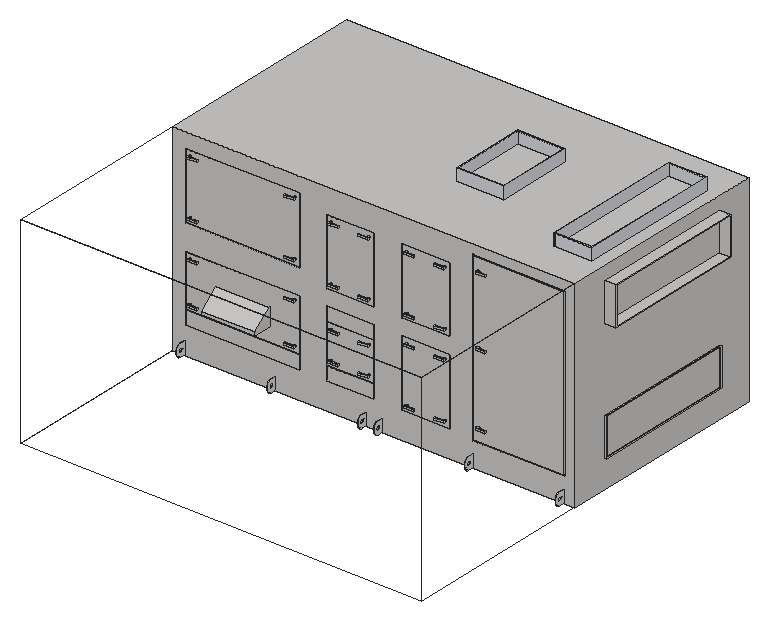
Revit family "DN-5XIN-ECH-1FP", category Mechanical Equipment, Revit 2019
Family settings
  Round Connector Dimension = Use Diameter
  Part Type = Normal
  Work Plane-Based = No
  Always vertical = Yes
  Cut with Voids When Loaded = No
  Shared = No
  Room Calculation Point = No
Parameters (values of type "4@2.70 kW 200-240V")
  Voltage = "200-240V"
  Unit Weight (lbs) = "4250-4850 lbs."
  Unit Dimension (L x W x H) = "174\" x 103-3/4\" x 88-7/8\""
  Unit = Renewaire - Galvanized Steel
  URL = "www.renewaire.com"
  Typical Airflow Range = "1,125-4,950 CFM"
  Standard Features = "EC Motors for both airstreams, Direct drive backward inclined plenum, Higher ESP of up to 3\" w.g. at 4,500 CFM, Integrated programmable controls, True 100% face and bypass enthalpy based modulating economizer, Class 1 low leakage motorized isolation dampers, Stainless steel double-sloped drain pan with cooling option, 1\" Double wall foam injected 20 gauge galvanized panel construction with R6.5 insulation"
  Shipping Dimensions (L x W x H) = "180\" x 101-1/2\" x 94\""
  Service Area Visibility = yes
  Service Area Box = Renewaire - Interference
  Revit Object Download Link = ""
  Phase = "3"
  Options = "DX, heat pump, or chilled water cooling coil, Modulating hot gas reheat, Steam or hot water coil, gas heat module or electric heater, Onboard variable frequency drives (VFDs) - both airstreams, Fused disconnect, Spring isolators (VFDs only), 2\" Double wall foam injected 20 gauge galvanized panel construction with R13 insulation, Exterior paint - grey, white, custom color, BACNET factory activation, GFCI convenience outlet, Recirculation damper, Drain overflow switch, Electrofin coating for coils"
  Number Motors = "Qty. 4, Direct drive motorized impeller packages"
  Model = "DN-5XIN-1FP-ECH"
  Minimum Circuit Amps = "36.6 A"
  Maximum Overcurrent Protection = "45 A"
  Max. Shipping Weight (lbs) = "4500-5100 lbs."
  Manufacturer = "Renewaire LLC"
  Inlets/Outlets [instance] = "OA & RA Inlets: 60\" x 16\", SA Outlet: 24\" x 16\", EA Outlet: 20\" x 32\""
  Frequency = "50/60 Hz"
  Filters [instance] = "Total qty. 10, MERV 8: 16\" x 20\" x 2\""
  FLA per Motor = "8.6-7.2"
  Energy Recovery Type = "Static plate total energy transfer"
  Description = "Energy Recovery Ventilator"
  Bypass Filters [instance] = "Total qty. 4, MERV 8: 16\" x 20\" x 2\""
  Accessories = "Filters - MERV 13, 2\"  and 4\" (shipped loose), MERV 14, 2\" and 4\" (shipped loose), Additional filters available upon request, Duct mounted electric pre-heater (separately powered), Carbon dioxide sensor/control - wall mount (CO2-W), duct mount (CO2-D), IAQ sensor - wall mount (IAQ-W), duct mount (IAQ-D), Motion occupancy sensor/control - ceiling mount (MC-C), wall mount (MC-W), Smoke detector, Room temperature and humidity sensor, Duct static pressure sensor with display to 10\", without display 0-2\", Room pressure sensor with display to 1\", without display 0-1\", Waterless trap negative pressure, Waterless trap positive pressure, Remote display"
  AHRI 1060 Certified Core = "One L-62-G5 and four L-125-G5"
Types (6): name | Voltage | Minimum Circuit Amps | Maximum Overcurrent Protection | FLA per Motor
  (no name) | "200-240V" | "36.6 A" | "45 A" | "8.6-7.2"
  4@2.70 kW 200-240V | "200-240V" | "36.6 A" | "45 A" | "8.6-7.2"
  4@3.70 kW 380-480V | "380-480 V" | "25.5 A" | "30 A" | "6.0-4.6"
  4@5HP 208-230V | "208-230 V" | "59.1 A" | "70 A" | "13.9-13.4/6.7"
  4@5HP 460V | "460 V" | "28.5 A" | "35 A" | "6.7"
  4@5HP 575V | "575 V" | "22.5 A" | "25 A" | "5.3"
Reference planes (in)
  plane 1 "Center (Front/Back)": y = 0
  plane 2: z = 0
  plane 3 "Center (Left/Right)": x = 0
Forms (in)
  Extrusion 1, solid, material "Renewaire - Galvanized Steel" <- "Unit"
    sketch origin (0, 0, 0) x (1, 0, 0) y (0, 1, 0)
      loop
        line (-168, 45.5) -> (-168, -45.5) -> (0, -45.5) -> (0, 45.5) -> (-168, 45.5)
    from 0 to 84
  Extrusion 2, void
    sketch origin (0, 0, 0) x (1, 0, 0) y (0, 0, 1)
      loop
        line (-162.86053, 77.85524) -> (-162.86053, 49.85524) -> (-114.88919, 49.85524) -> (-114.88919, 77.85524) -> (-162.86053, 77.85524)
      loop
        line (-103.88334, 73.82399) -> (-103.88334, 45.824) -> (-83.88335, 45.824) -> (-83.88335, 73.82399) -> (-103.88334, 73.82399)
      loop
        line (-72.14754, 73.82399) -> (-72.14754, 45.824) -> (-52.14754, 45.824) -> (-52.14754, 73.82399) -> (-72.14754, 73.82399)
      loop
        line (-42.6125, 80.324) -> (-42.6125, 10.324) -> (-3.61251, 10.324) -> (-3.61251, 80.324) -> (-42.6125, 80.324)
      loop
        line (-72.14754, 39.32399) -> (-72.14754, 11.32399) -> (-52.14754, 11.32399) -> (-52.14754, 39.32399) -> (-72.14754, 39.32399)
      loop
        line (-103.88334, 39.32399) -> (-103.88334, 11.33722) -> (-83.88335, 11.33722) -> (-83.88335, 39.32399) -> (-103.88334, 39.32399)
      loop
        line (-162.86053, 39.32399) -> (-162.86053, 11.32399) -> (-114.86055, 11.32399) -> (-114.86055, 39.32399) -> (-162.86053, 39.32399)
    from 44.5 to 47.07986
  Extrusion 3, void
    sketch origin (0, 0, 0) x (1, 0, 0) y (0, 1, 0)
      loop
        line (-166, 43.5) -> (-166, -43.5) -> (-2, -43.5) -> (-2, 43.5) -> (-166, 43.5)
    from -3 to 5
  Extrusion 4, void
    sketch origin (0, 0, 0) x (1, 0, 0) y (0, 1, 0)
      loop
        line (-160.92015, 12.11675) -> (-160.92015, -11.88325) -> (-144.92015, -11.88325) -> (-144.92015, 12.11675) -> (-160.92015, 12.11675)
      loop
        line (-21.1125, 30.11677) -> (-21.1125, -29.88323) -> (-5.1125, -29.88323) -> (-5.1125, 30.11677) -> (-21.1125, 30.11677)
    from 4.75 to 5.0625
  Extrusion 5, solid, material "Renewaire - Galvanized Steel" <- "Unit"
    sketch origin (0, 0, 0) x (0, 1, 0) y (0, 0, 1)
      loop
        line (12.11677, 31.05846) -> (-11.88323, 31.05846) -> (-11.88323, 15.05845) -> (12.11677, 15.05845) -> (12.11677, 31.05846)
      loop
        line (11.99177, 30.93346) -> (-11.75823, 30.93346) -> (-11.75823, 15.18345) -> (11.99177, 15.18345) -> (11.99177, 30.93346)
    from -169 to -168
  Extrusion 6, solid, material "Renewaire - Galvanized Steel" <- "Unit"
    sketch origin (0, 0, 0) x (0, 1, 0) y (0, 0, 1)
      loop
        line (-29.87714, 28.04274) -> (-29.87714, 12.04274) -> (30.12286, 12.04274) -> (30.12286, 28.04274) -> (-29.87714, 28.04274)
      loop
        line (-29.75214, 27.91774) -> (-29.75214, 12.16774) -> (29.99786, 12.16774) -> (29.99786, 27.91774) -> (-29.75214, 27.91774)
    from 0 to 1
  Extrusion 7, solid, material "Renewaire - Galvanized Steel" <- "Unit"
    sketch origin (0, 0, 0) x (0, 1, 0) y (0, 0, 1)
      loop
        line (-29.88324, 78.57708) -> (-29.88324, 62.57708) -> (30.11676, 62.57708) -> (30.11676, 78.57708) -> (-29.88324, 78.57708)
      loop
        line (-29.75824, 78.45208) -> (-29.75824, 62.70208) -> (29.99176, 62.70208) -> (29.99176, 78.45208) -> (-29.75824, 78.45208)
    from 0 to 5
  Extrusion 8, solid, material "Renewaire - Galvanized Steel" <- "Unit"
    sketch origin (0, 0, 0) x (1, 0, 0) y (0, 0, 1)
      loop
        line (-54.12572, 77.83887) -> (-72.14754, 77.83887) -> (-72.14754, 47.80251) -> (-54.12572, 47.80251) -> (-54.12572, 77.83887)
      loop
        line (-54.25072, 77.71387) -> (-72.02254, 77.71387) -> (-72.02254, 47.92751) -> (-54.25072, 47.92751) -> (-54.25072, 77.71387)
    from -50.5 to -45.5
  Extrusion 9, solid, material "Renewaire - Galvanized Steel" <- "Unit"
    sketch origin (0, 0, 0) x (1, 0, 0) y (0, 0, 1)
      loop
        line (-162.66054, 77.65525) -> (-162.66054, 50.05524) -> (-115.06053, 50.05524) -> (-115.06053, 77.65525) -> (-162.66054, 77.65525)
      loop
        line (-162.66054, 39.10345) -> (-162.66054, 17.50344) -> (-115.06053, 17.50344) -> (-115.06053, 39.10345) -> (-162.66054, 39.10345)
      loop
        line (-162.66054, 17.05095) -> (-162.66054, 11.45095) -> (-115.06053, 11.45095) -> (-115.06053, 17.05095) -> (-162.66054, 17.05095)
      loop
        line (-103.68333, 17.034) -> (-103.68333, 11.434) -> (-84.08333, 11.434) -> (-84.08333, 17.034) -> (-103.68333, 17.034)
      loop
        line (-103.68333, 33.374) -> (-103.68333, 17.27399) -> (-84.08333, 17.27399) -> (-84.08333, 33.374) -> (-103.68333, 33.374)
      loop
        line (-103.68333, 39.214) -> (-103.68333, 33.614) -> (-84.08333, 33.614) -> (-84.08333, 39.214) -> (-103.68333, 39.214)
      loop
        line (-103.68333, 73.62401) -> (-103.68333, 46.024) -> (-84.08333, 46.024) -> (-84.08333, 73.62401) -> (-103.68333, 73.62401)
      loop
        line (-71.94753, 73.62401) -> (-71.94753, 46.024) -> (-52.34756, 46.024) -> (-52.34756, 73.62401) -> (-71.94753, 73.62401)
      loop
        line (-71.94754, 39.124) -> (-71.94754, 11.434) -> (-52.34753, 11.434) -> (-52.34753, 39.124) -> (-71.94754, 39.124)
      loop
        line (-41.95871, 10.97626) -> (-4.26607, 10.97626) -> (-4.26607, 79.67027) -> (-41.95871, 79.67027) -> (-41.95871, 10.97626)
    from 44.5 to 45.5
  Extrusion 10, solid, material "Renewaire - Interference" <- "Service Area Box", visible <- "Service Area Visibility"
    sketch origin (0, 0, 0) x (1, 0, 0) y (0, 1, 0)
      loop
        line (-168, -45.5) -> (-168, -125.5) -> (0, -125.5) -> (0, -45.5) -> (-168, -45.5)
    from 0 to 84
  Extrusion 11, solid
    sketch origin (0, 0, 0) x (1, 0, 0) y (0, 1, 0)
      loop
        line (-73.14753, 16.11676) -> (-73.14753, -15.88324) -> (-53.14754, -15.88324) -> (-53.14754, 16.11676) -> (-73.14753, 16.11676)
      loop
        line (-72.89753, 15.86676) -> (-72.89753, -15.63324) -> (-53.39754, -15.63324) -> (-53.39754, 15.86676) -> (-72.89753, 15.86676)
    from 84 to 89
  Extrusion 12, solid
    sketch origin (0, 0, 0) x (1, 0, 0) y (0, 1, 0)
      loop
        line (-21.11249, 30.11679) -> (-21.11249, -29.88322) -> (-5.11252, -29.88322) -> (-5.11252, 30.11679) -> (-21.11249, 30.11679)
      loop
        line (-20.86249, 29.86679) -> (-20.86249, -29.63322) -> (-5.36252, -29.63322) -> (-5.36252, 29.86679) -> (-20.86249, 29.86679)
    from 84 to 89
  Extrusion 13, solid, material "Renewaire - Galvanized Steel" <- "Unit"
    sketch origin (0, 0, 0) x (0, 1, 0) y (0, 0, 1)
      loop
        circle (-18.33576, 27.29378) r 2.5
      loop
        circle (-18.33576, 27.29378) r 2.25
    from -169 to -168
  Extrusion 14, solid, material "Renewaire - Galvanized Steel" <- "Unit"
    sketch origin (0, 0, -1.24889) x (0, 1, 0) y (0, 0, 1)
      loop
        line (-45.5, 31.62254) -> (-53.1831, 25.61984) -> (-53.1831, 24.44788) -> (-45.5, 24.44788) -> (-45.5, 31.62254)
    from -150.04553 to -127.71553
Cuts and joins
  Extrusion 2, Extrusion 3, Extrusion 4 cuts Extrusion 1
Dimensions and locks (in)
  aligned and locked: plane 2 to level
Nested families (in)
  nested 1: "Handle" at (-40.11251, -45.5, 16), type "Handle"
    with Right Handle yes, Left Handle no, Flip no
  nested 2: "Handle" at (-40.11251, -45.5, 74.67027), type "Handle"
    with Right Handle yes, Left Handle no, Flip no
  nested 3: "Handle" at (-40.11251, -45.5, 46), type "Handle"
    with Right Handle yes, Left Handle no, Flip no
  nested 4: "Handle" at (-70.07253, -45.5, 71.37401), type "Handle"
    with Right Handle yes, Left Handle no, Flip no
  nested 5: "Handle" at (-70.07253, -45.5, 48.274), type "Handle"
    with Right Handle yes, Left Handle no, Flip no
  nested 6: "Handle" at (-54.22256, -45.5, 71.37401), type "Handle"
    with Right Handle no, Left Handle yes, Flip yes
  nested 7: "Handle" at (-54.22256, -45.5, 48.274), type "Handle"
    with Right Handle no, Left Handle yes, Flip yes
  nested 8: "Handle" at (-70.07253, -45.5, 36.87401), type "Handle"
    with Right Handle yes, Left Handle no, Flip no
  nested 9: "Handle" at (-70.07253, -45.5, 13.77401), type "Handle"
    with Right Handle yes, Left Handle no, Flip no
  nested 10: "Handle" at (-54.22256, -45.5, 36.87401), type "Handle"
    with Right Handle no, Left Handle yes, Flip yes
  nested 11: "Handle" at (-54.22256, -45.5, 13.77401), type "Handle"
    with Right Handle no, Left Handle yes, Flip yes
  nested 12: "Handle" at (-101.80833, -45.5, 31.124), type "Handle"
    with Right Handle yes, Left Handle no, Flip no
  nested 13: "Handle" at (-101.80833, -45.5, 19.52399), type "Handle"
    with Right Handle yes, Left Handle no, Flip no
  nested 14: "Handle" at (-85.95836, -45.5, 31.124), type "Handle"
    with Right Handle no, Left Handle yes, Flip yes
  nested 15: "Handle" at (-85.95836, -45.5, 19.52399), type "Handle"
    with Right Handle no, Left Handle yes, Flip yes
  nested 16: "Handle" at (-101.80833, -45.5, 71.37401), type "Handle"
    with Right Handle yes, Left Handle no, Flip no
  nested 17: "Handle" at (-101.80833, -45.5, 48.274), type "Handle"
    with Right Handle yes, Left Handle no, Flip no
  nested 18: "Handle" at (-85.95836, -45.5, 71.37401), type "Handle"
    with Right Handle no, Left Handle yes, Flip yes
  nested 19: "Handle" at (-85.95836, -45.5, 48.274), type "Handle"
    with Right Handle no, Left Handle yes, Flip yes
  nested 20: "Handle" at (-160.78554, -45.5, 75.40525), type "Handle"
    with Right Handle yes, Left Handle no, Flip no
  nested 21: "Handle" at (-160.78554, -45.5, 52.30524), type "Handle"
    with Right Handle yes, Left Handle no, Flip no
  nested 22: "Handle" at (-116.9642, -45.5, 75.40525), type "Handle"
    with Right Handle no, Left Handle yes, Flip yes
  nested 23: "Handle" at (-116.9642, -45.5, 52.30524), type "Handle"
    with Right Handle no, Left Handle yes, Flip yes
  nested 24: "Handle" at (-160.78554, -45.5, 36.87401), type "Handle"
    with Right Handle yes, Left Handle no, Flip no
  nested 25: "Handle" at (-160.78554, -45.5, 19.75344), type "Handle"
    with Right Handle yes, Left Handle no, Flip no
  nested 26: "Handle" at (-116.9642, -45.5, 36.87401), type "Handle"
    with Right Handle no, Left Handle yes, Flip yes
  nested 27: "Handle" at (-116.9642, -45.5, 19.75344), type "Handle"
    with Right Handle no, Left Handle yes, Flip yes
  nested 28: "Lifting Lug" at (-163.25, -45.5, 0) x (0, -1, 0) z (0, 0, 1), Material <- "Unit", type "Lifting Lug"
    with Material Renewaire - Galvanized Steel
  nested 29: "Lifting Lug" at (-125.25, -45.5, 0) x (0, -1, 0) z (0, 0, 1), Material <- "Unit", type "Lifting Lug"
    with Material Renewaire - Galvanized Steel
  nested 30: "Lifting Lug" at (-87.25, -45.5, 0) x (0, -1, 0) z (0, 0, 1), Material <- "Unit", type "Lifting Lug"
    with Material Renewaire - Galvanized Steel
  nested 31: "Lifting Lug" at (-4.5, -45.5, 0) x (0, -1, 0) z (0, 0, 1), Material <- "Unit", type "Lifting Lug"
    with Material Renewaire - Galvanized Steel
  nested 32: "Lifting Lug" at (-42.5, -45.5, 0) x (0, -1, 0) z (0, 0, 1), Material <- "Unit", type "Lifting Lug"
    with Material Renewaire - Galvanized Steel
  nested 33: "Lifting Lug" at (-80.5, -45.5, 0) x (0, -1, 0) z (0, 0, 1), Material <- "Unit", type "Lifting Lug"
    with Material Renewaire - Galvanized Steel
  nested 34: "Lifting Lug" at (-163.25, 45.5, 0) x (0, 1, 0) z (0, 0, 1), Material <- "Unit", type "Lifting Lug"
    with Material Renewaire - Galvanized Steel
  nested 35: "Lifting Lug" at (-125.25, 45.5, 0) x (0, 1, 0) z (0, 0, 1), Material <- "Unit", type "Lifting Lug"
    with Material Renewaire - Galvanized Steel
  nested 36: "Lifting Lug" at (-87.25, 45.5, 0) x (0, 1, 0) z (0, 0, 1), Material <- "Unit", type "Lifting Lug"
    with Material Renewaire - Galvanized Steel
  nested 37: "Lifting Lug" at (-4.5, 45.5, 0) x (0, 1, 0) z (0, 0, 1), Material <- "Unit", type "Lifting Lug"
    with Material Renewaire - Galvanized Steel
  nested 38: "Lifting Lug" at (-42.5, 45.5, 0) x (0, 1, 0) z (0, 0, 1), Material <- "Unit", type "Lifting Lug"
    with Material Renewaire - Galvanized Steel
  nested 39: "Lifting Lug" at (-80.5, 45.5, 0) x (0, 1, 0) z (0, 0, 1), Material <- "Unit", type "Lifting Lug"
    with Material Renewaire - Galvanized Steel
Connectors (in)
  hvac at (1, 0.12286, 20.04274)
    settings: on Extrusion 6, index 1, duct flow 0 CFM, flow factor 0, pres drop 0.00 in-wg, loss coef 0, conn angle 0.00°, conn width 60", conn height 16", conn diameter 24", duct sys type 2, conn prof type 1, flow config 0, flow direction 1, loss method 0, conn ref index -1, conn util no, is conn primary yes, conn desc "Return Air (RA)"
  hvac at (5, 0.11676, 70.57708)
    settings: on Extrusion 7, index 2, duct flow 0 CFM, flow factor 0, pres drop 0.00 in-wg, loss coef 0, conn angle 0.00°, conn width 60", conn height 16", conn diameter 24", duct sys type 4, conn prof type 1, flow config 0, flow direction 1, loss method 0, conn ref index -1, conn util no, is conn primary no, conn desc "Outside Air (OA)"
  hvac at (-63.13663, 50.5, 62.82069)
    settings: on Extrusion 8, index 5, duct flow 0 CFM, flow factor 0, pres drop 0.00 in-wg, loss coef 0, conn angle 0.00°, conn width 18", conn height 30", conn diameter 24", duct sys type 3, conn prof type 1, flow config 0, flow direction 2, loss method 0, conn ref index -1, conn util no, is conn primary no, conn desc "Exhaust Air (EA)"
  hvac at (-169, 0.11677, 23.05845)
    settings: on Extrusion 5, index 6, duct flow 0 CFM, flow factor 0, pres drop 0.00 in-wg, loss coef 0, conn angle 0.00°, conn width 24", conn height 16", conn diameter 24", duct sys type 1, conn prof type 1, flow config 0, flow direction 2, loss method 0, conn ref index -1, conn util no, is conn primary no, conn desc "Supply Air (SA)"
  hvac at (-152.92015, 0.11675, 5)
    settings: on cut or joined group of Extrusion 1, Extrusion 2, Extrusion 3, Extrusion 4, index 7, duct flow 0 CFM, flow factor 0, pres drop 0.00 in-wg, loss coef 0, conn angle 0.00°, conn width 24", conn height 16", conn diameter 24", duct sys type 1, conn prof type 1, flow config 0, flow direction 2, loss method 0, conn ref index -1, conn util no, is conn primary no, conn desc "Supply Air (SA)"
  hvac at (-13.1125, 0.11677, 5)
    settings: on cut or joined group of Extrusion 1, Extrusion 2, Extrusion 3, Extrusion 4, index 8, duct flow 0 CFM, flow factor 0, pres drop 0.00 in-wg, loss coef 0, conn angle 0.00°, conn width 60", conn height 16", conn diameter 24", duct sys type 2, conn prof type 1, flow config 0, flow direction 1, loss method 0, conn ref index -1, conn util no, is conn primary no, conn desc "Return Air (RA)"
  hvac at (-13.1125, 0.11678, 89)
    settings: on Extrusion 12, index 9, duct flow 0 CFM, flow factor 0, pres drop 0.00 in-wg, loss coef 0, conn angle 0.00°, conn width 16", conn height 60", conn diameter 24", duct sys type 4, conn prof type 1, flow config 0, flow direction 1, loss method 0, conn ref index -1, conn util no, is conn primary no, conn desc "Outside Air (OA)"
  hvac at (-63.14754, 0.11676, 89)
    settings: on Extrusion 11, index 10, duct flow 0 CFM, flow factor 0, pres drop 0.00 in-wg, loss coef 0, conn angle 0.00°, conn width 20", conn height 32", conn diameter 24", duct sys type 3, conn prof type 1, flow config 0, flow direction 2, loss method 0, conn ref index -1, conn util no, is conn primary no, conn desc "Exhaust Air (EA)"
Definition of nested family "Handle"
  Parameters (values of type "Handle")
    Right Handle [instance] = not(Flip)  # no
    Material = none
    Left Handle [instance] = Flip  # yes
    Flip [instance] = yes
  Reference planes (in)
    plane 1 "Center (Front/Back)": y = 0
    plane 2: z = 0
    plane 3 "Center (Left/Right)": x = 0
  Forms (in)
    Extrusion 1, solid, material <- "Material"
      sketch origin (0, 0, 0) x (1, 0, 0) y (0, 0, 1)
        loop
          circle (0, 0) r 0.375
      from 0 to 0.75
    Extrusion 2, solid, material <- "Material", visible <- "Right Handle"
      sketch origin (0, 0, 0) x (1, 0, 0) y (0, 1, 0)
        loop
          line (-0.375, -0.75) -> (-0.375, -1.25) -> (3.625, -1.25) -> (3.625, -0.75) -> (-0.375, -0.75)
      from -0.375 to 0.375
    Extrusion 3, solid, material <- "Material", visible <- "Left Handle"
      sketch origin (-3.25, 0, 0) x (1, 0, 0) y (0, 1, 0)
        loop
          line (-0.375, -0.75) -> (-0.375, -1.25) -> (3.625, -1.25) -> (3.625, -0.75) -> (-0.375, -0.75)
      from -0.375 to 0.375
  Dimensions and locks (in)
    aligned and locked: plane 2 to level
Definition of nested family "Lifting Lug"
  Parameters (values of type "Lifting Lug")
    Material [instance] = none
  Reference planes (in)
    plane 1 "Center (Front/Back)": y = 0
    plane 2: z = 0
    plane 3 "Center (Left/Right)": x = 0
  Forms (in)
    Extrusion 1, solid
      sketch origin (0, 0, 0) x (1, 0, 0) y (0, 0, 1)
        loop
          line (0, 0.1875) -> (2, 0.1875)
          arc (2, 0.1875) -> (3.41421, 0.77329) -> (4, 2.1875) r 2
          line (4, 2.1875) -> (4, 3.1875)
          arc (4, 3.1875) -> (3.41421, 4.60171) -> (2, 5.1875) r 2
          line (2, 5.1875) -> (0, 5.1875) -> (0, 0.1875)
        loop
          circle (2.125, 2.6875) r 1
      from 0 to 0.25
  Dimensions and locks (in)
    aligned and locked: plane 2 to level
